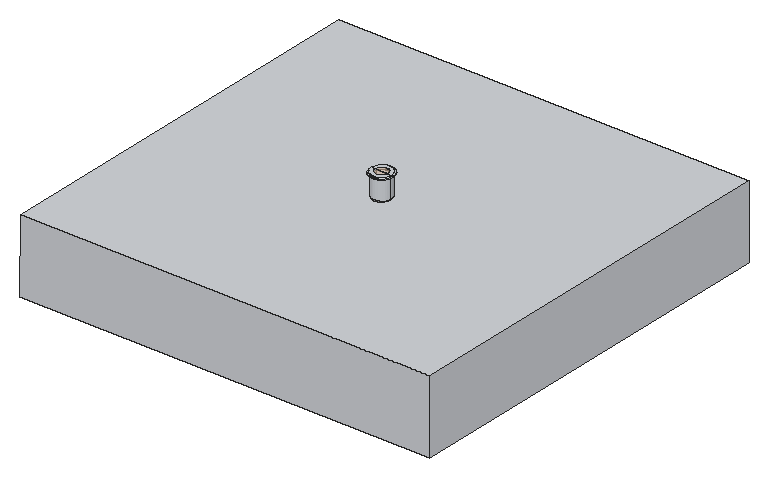
Revit family "Alcon-9033-Revit-Family", category Luminarias, Revit 2025
Family settings
  Anfitrión = Cara
  Cota de conector redondo = Usar diámetro
  Tipo de pieza = Normal
  Corte con vacíos al cargar = No
  Origen de luz = Sí
  Mantener orientación de anotación = No
  Compartido = No
  Punto de cálculo de habitación = No
Parameters
  Tilt Angle = 60.00°
  built-in parameter 1010506 = 0.5236 (stored number, unit not read)
  built-in parameter 1010507 = 1.5708 (stored number, unit not read)
  Wattage = 9.2903 W
  URL = "https://www.alconlighting.com/alcon-9033.html"
  built-in parameter 1150107 = 3200 (stored number, unit not read)
  TOP FINISH = none
  TAP LENS = none
  built-in parameter 1150110 = 1 (stored number, unit not read)
  built-in parameter 1150109 = 1 (stored number, unit not read)
  built-in parameter 1150112 = 1 (stored number, unit not read)
  built-in parameter 1150113 = 1 (stored number, unit not read)
  built-in parameter 1114218 = 1 (stored number, unit not read)
  Product Page = "https://www.alconlighting.com/alcon-9033.html"
  Product Data URL = "https://www.alconlighting.com/alcon-9033.html"
  built-in parameter 1150137 = (empty or 0)
  built-in parameter 1150132 = (empty or 0)
  Modelo = "Alcon Lighting 9033"
  Longitud de símbolo de origen de luz = 10' - 0"
  Link to IES File = "https://www.alconlighting.com/alcon-9033.html"
  LENS GLASS = Glass
  built-in parameter 1150105 = 4614.1 (stored number, unit not read)
  built-in parameter 1150102 = (empty or 0)
  built-in parameter 1150106 = 46.141 (stored number, unit not read)
  HOUSING = none
  GLASS LENS = Analytical Panels
  Lumens = 1380 lm
  Color Filter = 16777215
  built-in parameter 1114217 = 1 (stored number, unit not read)
  built-in parameter 1150139 = (empty or 0)
  Fabricante = "Alcon Lighting"
  Default Elevation = 4' - 0"
  built-in parameter 1150104 = 13.8 (stored number, unit not read)
  built-in parameter 1150115 = 1 (stored number, unit not read)
  built-in parameter 1150114 = 1 (stored number, unit not read)
  built-in parameter 1150138 = (empty or 0)
  built-in parameter 1150134 = 3
  Dimming Lamp Color Temperature Shift = (empty or 0)
  built-in parameter 1150133 = 10 (stored number, unit not read)
Reference planes (in)
  plane 1 "Center (Front/Back)": y = 0
  plane 2: z = 0
  plane 3 "Center (Left/Right)": x = 0
Forms (in)
  Extrusion 1, solid
    sketch origin (0, 0, 0) x (1, 0, 0) y (0, 1, 0)
      loop
        line (-33, 32.41633) -> (-33, -32.59453) -> (33.96505, -32.59453) -> (33.96505, 32.41633) -> (-33, 32.41633)
    from 0 to -12
  Revolve 2, solid
    sketch origin (18.91694, 0, -6.25259) x (1, 0, 0) y (0, 0, 1)
      loop
        line (-17.91694, 9.74053) -> (-17.04694, 9.74053) -> (-17.04694, 9.7874) -> (-17.24025, 9.92276) -> (-17.91694, 9.92276) -> (-17.91694, 9.74053)
      axis (-18.91694, 9.92276) -> (-18.91694, 9.74053)
    angle from 0 to 360
  Revolve 3, solid
    sketch origin (18.91694, 0, -6.25259) x (1, 0, 0) y (0, 0, 1)
      loop
        line (-17.38133, 9.74053) -> (-17.91694, 9.74053) -> (-17.91694, 6.74053) -> (-18.91694, 6.74053) -> (-18.91694, 6.25259) -> (-17.48417, 6.25259) -> (-17.38133, 6.43071) -> (-17.38133, 9.74053)
      axis (-18.91694, 9.74053) -> (-18.91694, 6.25259)
    angle from 0 to 360
  Revolve 4, solid, material "Analytical Panels" <- "GLASS LENS"
    sketch origin (0, 0, 0) x (1, 0, 0) y (0, 0, 1)
      loop
        line (0, 3.53481) -> (1, 3.53481) -> (1, 3.64539) -> (0, 3.64539) -> (0, 3.53481)
      axis (0, 3.64539) -> (0, 3.53481)
    angle from 0 to 360
Dimensions and locks (in)
  aligned and locked: plane 2 to Extrusion 1
  aligned and locked: level to Extrusion 1
